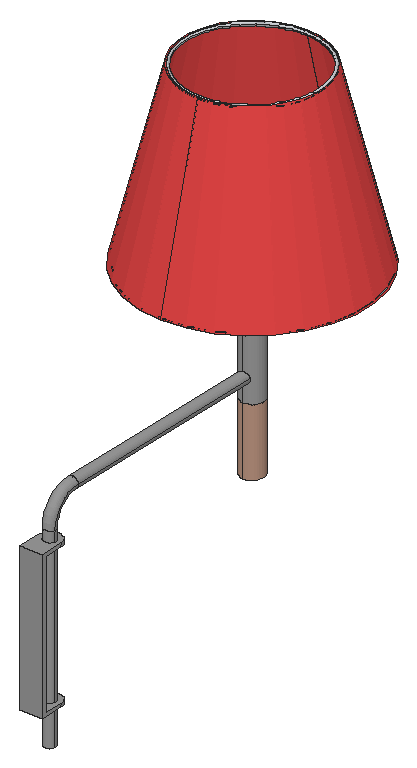
Revit family "Indoor_Wall Lamp_Santa&Cole_BC1", category Luminarias, Revit 2018
Family settings
  Cota de conector redondo = Diámetro de uso
  Tipo de pieza = Normal
  Número OmniClass = 23.80.70.00
  Título OmniClass = Lighting
  Se basa en plano de trabajo = Sí
  Siempre vertical = Sí
  Corte con vacíos al cargar = No
  Origen de luz = Sí
  Compartido = No
  Punto de cálculo de habitación = No
Parameters (values of type "Terracota Raw Color Ribbon")
  Visibility_Beige Parchment = no
  Wattage = 3.16409 W
  URL = "https://www.santacole.com/en/catalogue/wall-lamps/bc1"
  Technical Information = "https://www.santacole.com/recursos/productos/downloads/pdf_espec_tecnicas/SC_BC1_specification%20sheet.pdf"
  built-in parameter 1150110 = 1 (stored number, unit not read)
  Modelo = "BC1"
  Manufacturer website = "https://www.santacole.com"
  Lampshade Material = Santa & Cole - Terracota Raw Color Ribbon
  built-in parameter 1114217 = 1 (stored number, unit not read)
  built-in parameter 1150109 = 1 (stored number, unit not read)
  Fabricante = "Santa & Cole"
  Energy Label = "https://www.santacole.com/recursos/productos/downloads/pdf_energy_label/Energy%20Label_BC1_without_bulb.pdf"
  Default Elevation = 1219.2 mm
  Designed by = "Santa & Cole Team. 1995"
  Contact phone = "+34.938.619.100"
  Contact e-mail = "info@santacole.com"
  built-in parameter 1150134 = (empty or 0)
  built-in parameter 1150113 = 1 (stored number, unit not read)
  Lumens = 470 lm
  built-in parameter 1150115 = 1 (stored number, unit not read)
  built-in parameter 1150105 = 37.401 (stored number, unit not read)
  Tamaño de símbolo de origen de luz = 50 mm
  built-in parameter 1150137 = (empty or 0)
  built-in parameter 1150139 = (empty or 0)
  built-in parameter 1150112 = 1 (stored number, unit not read)
  built-in parameter 1150114 = 1 (stored number, unit not read)
  built-in parameter 1150132 = 2
  built-in parameter 1150102 = (empty or 0)
  built-in parameter 1150138 = (empty or 0)
  built-in parameter 1150107 = 2700 (stored number, unit not read)
  built-in parameter 1150106 = 0.37401 (stored number, unit not read)
  built-in parameter 1150104 = 13.8 (stored number, unit not read)
  Code = "BC102+PP10x"
  Carga aparente = 4.5 VA
  Dimming Lamp Color Temperature Shift = (empty or 0)
  Color Filter = 16777215
  built-in parameter 1114218 = 1 (stored number, unit not read)
  Assembly instructions - UL = "https://www.santacole.com/recursos/productos/downloads/pdf_montaje/BC1_im_UL.pdf"
  Assembly instructions - CE = "https://www.santacole.com/recursos/productos/downloads/pdf_montaje/BC1_im_CE.pdf"
  built-in parameter 1150133 = 10 (stored number, unit not read)
Types (7, lengths in mm): name | Visibility_Beige Parchment | Lampshade Material
  Stitched Beige Parchment | yes | Santa & Cole - Beige Cardboard
  Natural Ribbon | no | Santa & Cole - Natural Ribbon
  Red-amber Ribbon | no | Santa & Cole - Red-amber Ribbon
  Black Ribbon | no | Santa & Cole - Black Ribbon
  Terracota Raw Color Ribbon | no | Santa & Cole - Terracota Raw Color Ribbon
  Mustard Raw Color Ribbon | no | Santa & Cole - Mustard Raw Color Ribbon
  Green Raw Color Ribbon | no | Santa & Cole - Green Raw Color Ribbon
Reference planes
  plane 1 "Eje de origen de luz (F/P)": y = 0
  plane 2: z = 0
  plane 3 "Eje de origen de luz (I/D)": x = 0
  plane 4 "Elevación de origen de luz": z = 377.218
Forms (mm)
  Sweep 1, solid, material "Santa & Cole - Nickel"
    path origin (0.02, -75, -1200) x (0, -1, 0) y (0, 0, 1)
      loop
        line (-312, 1402) -> (-120, 1402)
        arc (-120, 1402) -> (-98.787, 1393.213) -> (-90, 1372) r 30
        line (-90, 1372) -> (-90, 1200)
    profile origin (0.02, 141, 202) x (0, 0, 1) y (-1, 0, 0)
      loop
        circle (-5, 0) r 5
  Extrusion 2, solid, material "Santa & Cole - Nickel"
    sketch origin (0.02, -75, -1200) x (0, -1, 0) y (0, 0, 1)
      loop
        line (-105, 1363.2) -> (-105, 1360.2) -> (-78, 1360.2) -> (-78, 1236.2) -> (-105, 1236.2) -> (-105, 1233.2) -> (-75, 1233.2) -> (-75, 1363.2) -> (-105, 1363.2)
    from -9.961 to 10
  Extrusion 3, void
    sketch origin (36.375, -75, 380) x (0, 1, 0) y (-1, 0, 0)
      loop
        arc (95, 46.356) -> (104.98, 36.375) -> (95, 26.395) r 9.98
        line (95, 26.395) -> (95, 23.067) -> (107.794, 23.067) -> (107.794, 48.787) -> (95, 48.787) -> (95, 46.356)
      loop
        circle (95, 36.375) r 5.2
    from -346.8 to -216.8
  Revolve 4, solid, material "Santa & Cole - Beech Wood"
    sketch origin (0.02, -75, -1200) x (0, -1, 0) y (0, 0, 1)
      loop
        line (-329, 1377) -> (-329, 1317) -> (-319, 1317) -> (-319, 1377) -> (-329, 1377)
      axis (-319, 1377) -> (-319, 1317)
    angle from 0 to 360
  Revolve 5, solid, material "Santa & Cole - Nickel"
    sketch origin (0.02, -75, -1200) x (0, -1, 0) y (0, 0, 1)
      loop
        line (-329, 1477) -> (-329, 1377) -> (-319, 1377) -> (-319, 1477) -> (-329, 1477)
      axis (-319, 1377) -> (-319, 1477)
    angle from 0 to 360
  Revolve 6, solid
    sketch origin (0.02, -75, -1200) x (0, -1, 0) y (0, 0, 1)
      loop
        line (-319, 1535) -> (-338, 1535) -> (-338, 1511.7) -> (-343.366, 1511.7) -> (-344.273, 1509.9) -> (-349, 1509.9) -> (-349, 1508.9) -> (-338, 1508.9) -> (-338, 1492.6) -> (-336.35, 1491.5)
        arc (-336.35, 1491.5) -> (-334.532, 1483.438) -> (-329.35, 1477) r 18.286
        line (-329.35, 1477) -> (-319, 1477) -> (-319, 1535)
      axis (-319, 1535) -> (-319, 1477)
    angle from 0 to 360
  Sweep 7, solid
    path origin (330.815, -75, -1200) x (0, -1, 0) y (0, 0, 1)
      loop
        line (-293, 1511.9) -> (-278.776, 1511.9) -> (-221.503, 1484.838)
    profile origin (330.815, 210.888, 311.9) x (0, 0, 1) y (-1, 0, 0)
      loop
        circle (-1, 330.796) r 1
  Sweep 8, solid
    path origin (110.884, 689.977, -1200) x (0.866025, 0.5, 0) y (0, 0, 1)
      loop
        line (-293, 1511.9) -> (-278.776, 1511.9) -> (-221.503, 1484.838)
    profile origin (-136.702, 547.034, 311.9) x (0, 0, 1) y (0.5, -0.866025, 0)
      loop
        circle (-1, 330.796) r 1
  Sweep 9, solid
    path origin (-441.64, 117.023, -1200) x (-0.866025, 0.5, 0) y (0, 0, 1)
      loop
        line (-293, 1511.9) -> (-278.776, 1511.9) -> (-221.503, 1484.838)
    profile origin (-194.054, -25.921, 311.9) x (0, 0, 1) y (0.5, 0.866025, 0)
      loop
        circle (-1, 330.796) r 1
  Revolve 10, solid
    sketch origin (0.02, -75, -1200) x (0, -1, 0) y (0, 0, 1)
      loop
        circle (-220.8, 1483.4) r 1.25
      loop
        circle (-260.18, 1640.4) r 1.25
      axis (-319, 1640.4) -> (-319, 1483.4)
    angle from 0 to 360
  Revolve 11, solid, material "Santa & Cole - Terracota Raw Color Ribbon" <- "Lampshade Material"
    sketch origin (0.02, -75, -1200) x (0, -1, 0) y (0, 0, 1)
      loop
        line (-259.229, 1641.593) -> (-219.234, 1482.14) -> (-218.458, 1482.335) -> (-258.453, 1641.787) -> (-259.229, 1641.593)
      axis (-319, 1641.787) -> (-319, 1482.14)
    angle from 0 to 360
  Blend 12, solid, material "Santa & Cole - Leather", visible <- "Visibility_Beige Parchment"
    base sketch origin (-13.93, 255.734, 547.239) x (0.96363, 0.267238, 0) y (-0.267238, 0.96363, 0)
      loop
        line (-50.966, 0.411) -> (-50.966, -0.489) -> (-50.043, -0.489) -> (-50.043, 0.411) -> (-50.966, 0.411)
    top sketch origin (-13.93, 255.734, 547.239) x (0.96363, 0.267238, 0) y (-0.267238, 0.96363, 0)
      loop
        line (-47.638, 0.875) -> (-47.638, 1.775) -> (-48.561, 1.775) -> (-48.561, 0.875) -> (-47.638, 0.875)
    from -112.484 to -105.022
  Blend 13, solid, material "Santa & Cole - Leather", visible <- "Visibility_Beige Parchment"
    base sketch origin (-9.621, 259.47, 547.239) x (0.999048, -0.043619, 0) y (0.043619, 0.999048, 0)
      loop
        line (-50.966, 0.411) -> (-50.966, -0.489) -> (-50.043, -0.489) -> (-50.043, 0.411) -> (-50.966, 0.411)
    top sketch origin (-9.621, 259.47, 547.239) x (0.999048, -0.043619, 0) y (0.043619, 0.999048, 0)
      loop
        line (-47.638, 0.875) -> (-47.638, 1.775) -> (-48.561, 1.775) -> (-48.561, 0.875) -> (-47.638, 0.875)
    from -112.484 to -105.022
  Blend 14, solid, material "Santa & Cole - Leather", visible <- "Visibility_Beige Parchment"
    base sketch origin (-16.873, 250.849, 547.239) x (0.833886, 0.551937, 0) y (-0.551937, 0.833886, 0)
      loop
        line (-50.966, 0.411) -> (-50.966, -0.489) -> (-50.043, -0.489) -> (-50.043, 0.411) -> (-50.966, 0.411)
    top sketch origin (-16.873, 250.849, 547.239) x (0.833886, 0.551937, 0) y (-0.551937, 0.833886, 0)
      loop
        line (-47.638, 0.875) -> (-47.638, 1.775) -> (-48.561, 1.775) -> (-48.561, 0.875) -> (-47.638, 0.875)
    from -112.484 to -105.022
  Blend 15, solid, material "Santa & Cole - Leather", visible <- "Visibility_Beige Parchment"
    base sketch origin (-18.163, 245.294, 547.239) x (0.622515, 0.782608, 0) y (-0.782608, 0.622515, 0)
      loop
        line (-50.966, 0.411) -> (-50.966, -0.489) -> (-50.043, -0.489) -> (-50.043, 0.411) -> (-50.966, 0.411)
    top sketch origin (-18.163, 245.294, 547.239) x (0.622515, 0.782608, 0) y (-0.782608, 0.622515, 0)
      loop
        line (-47.638, 0.875) -> (-47.638, 1.775) -> (-48.561, 1.775) -> (-48.561, 0.875) -> (-47.638, 0.875)
    from -112.484 to -105.022
  Blend 16, solid, material "Santa & Cole - Leather", visible <- "Visibility_Beige Parchment"
    base sketch origin (-17.673, 239.612, 547.239) x (0.350207, 0.936672, 0) y (-0.936672, 0.350207, 0)
      loop
        line (-50.966, 0.411) -> (-50.966, -0.489) -> (-50.043, -0.489) -> (-50.043, 0.411) -> (-50.966, 0.411)
    top sketch origin (-17.673, 239.612, 547.239) x (0.350207, 0.936672, 0) y (-0.936672, 0.350207, 0)
      loop
        line (-47.638, 0.875) -> (-47.638, 1.775) -> (-48.561, 1.775) -> (-48.561, 0.875) -> (-47.638, 0.875)
    from -112.484 to -105.022
  Blend 17, solid, material "Santa & Cole - Leather", visible <- "Visibility_Beige Parchment"
    base sketch origin (-15.451, 234.359, 547.239) x (0.043619, 0.999048, 0) y (-0.999048, 0.043619, 0)
      loop
        line (-50.966, 0.411) -> (-50.966, -0.489) -> (-50.043, -0.489) -> (-50.043, 0.411) -> (-50.966, 0.411)
    top sketch origin (-15.451, 234.359, 547.239) x (0.043619, 0.999048, 0) y (-0.999048, 0.043619, 0)
      loop
        line (-47.638, 0.875) -> (-47.638, 1.775) -> (-48.561, 1.775) -> (-48.561, 0.875) -> (-47.638, 0.875)
    from -112.484 to -105.022
  Blend 18, solid, material "Santa & Cole - Leather", visible <- "Visibility_Beige Parchment"
    base sketch origin (-11.714, 230.051, 547.239) x (-0.267238, 0.96363, 0) y (-0.96363, -0.267238, 0)
      loop
        line (-50.966, 0.411) -> (-50.966, -0.489) -> (-50.043, -0.489) -> (-50.043, 0.411) -> (-50.966, 0.411)
    top sketch origin (-11.714, 230.051, 547.239) x (-0.267238, 0.96363, 0) y (-0.96363, -0.267238, 0)
      loop
        line (-47.638, 0.875) -> (-47.638, 1.775) -> (-48.561, 1.775) -> (-48.561, 0.875) -> (-47.638, 0.875)
    from -112.484 to -105.022
  Blend 19, solid, material "Santa & Cole - Leather", visible <- "Visibility_Beige Parchment"
    base sketch origin (-6.829, 227.107, 547.239) x (-0.551937, 0.833886, 0) y (-0.833886, -0.551937, 0)
      loop
        line (-50.966, 0.411) -> (-50.966, -0.489) -> (-50.043, -0.489) -> (-50.043, 0.411) -> (-50.966, 0.411)
    top sketch origin (-6.829, 227.107, 547.239) x (-0.551937, 0.833886, 0) y (-0.833886, -0.551937, 0)
      loop
        line (-47.638, 0.875) -> (-47.638, 1.775) -> (-48.561, 1.775) -> (-48.561, 0.875) -> (-47.638, 0.875)
    from -112.484 to -105.022
  Blend 20, solid, material "Santa & Cole - Leather", visible <- "Visibility_Beige Parchment"
    base sketch origin (-1.274, 225.818, 547.239) x (-0.782608, 0.622515, 0) y (-0.622515, -0.782608, 0)
      loop
        line (-50.966, 0.411) -> (-50.966, -0.489) -> (-50.043, -0.489) -> (-50.043, 0.411) -> (-50.966, 0.411)
    top sketch origin (-1.274, 225.818, 547.239) x (-0.782608, 0.622515, 0) y (-0.622515, -0.782608, 0)
      loop
        line (-47.638, 0.875) -> (-47.638, 1.775) -> (-48.561, 1.775) -> (-48.561, 0.875) -> (-47.638, 0.875)
    from -112.484 to -105.022
  Blend 21, solid, material "Santa & Cole - Leather", visible <- "Visibility_Beige Parchment"
    base sketch origin (4.408, 226.308, 547.239) x (-0.936672, 0.350207, 0) y (-0.350207, -0.936672, 0)
      loop
        line (-50.966, 0.411) -> (-50.966, -0.489) -> (-50.043, -0.489) -> (-50.043, 0.411) -> (-50.966, 0.411)
    top sketch origin (4.408, 226.308, 547.239) x (-0.936672, 0.350207, 0) y (-0.350207, -0.936672, 0)
      loop
        line (-47.638, 0.875) -> (-47.638, 1.775) -> (-48.561, 1.775) -> (-48.561, 0.875) -> (-47.638, 0.875)
    from -112.484 to -105.022
  Blend 22, solid, material "Santa & Cole - Leather", visible <- "Visibility_Beige Parchment"
    base sketch origin (9.66, 228.53, 547.239) x (-0.999048, 0.043619, 0) y (-0.043619, -0.999048, 0)
      loop
        line (-50.966, 0.411) -> (-50.966, -0.489) -> (-50.043, -0.489) -> (-50.043, 0.411) -> (-50.966, 0.411)
    top sketch origin (9.66, 228.53, 547.239) x (-0.999048, 0.043619, 0) y (-0.043619, -0.999048, 0)
      loop
        line (-47.638, 0.875) -> (-47.638, 1.775) -> (-48.561, 1.775) -> (-48.561, 0.875) -> (-47.638, 0.875)
    from -112.484 to -105.022
  Blend 23, solid, material "Santa & Cole - Leather", visible <- "Visibility_Beige Parchment"
    base sketch origin (13.969, 232.266, 547.239) x (-0.96363, -0.267238, 0) y (0.267238, -0.96363, 0)
      loop
        line (-50.966, 0.411) -> (-50.966, -0.489) -> (-50.043, -0.489) -> (-50.043, 0.411) -> (-50.966, 0.411)
    top sketch origin (13.969, 232.266, 547.239) x (-0.96363, -0.267238, 0) y (0.267238, -0.96363, 0)
      loop
        line (-47.638, 0.875) -> (-47.638, 1.775) -> (-48.561, 1.775) -> (-48.561, 0.875) -> (-47.638, 0.875)
    from -112.484 to -105.022
  Blend 24, solid, material "Santa & Cole - Leather", visible <- "Visibility_Beige Parchment"
    base sketch origin (16.912, 237.151, 547.239) x (-0.833886, -0.551937, 0) y (0.551937, -0.833886, 0)
      loop
        line (-50.966, 0.411) -> (-50.966, -0.489) -> (-50.043, -0.489) -> (-50.043, 0.411) -> (-50.966, 0.411)
    top sketch origin (16.912, 237.151, 547.239) x (-0.833886, -0.551937, 0) y (0.551937, -0.833886, 0)
      loop
        line (-47.638, 0.875) -> (-47.638, 1.775) -> (-48.561, 1.775) -> (-48.561, 0.875) -> (-47.638, 0.875)
    from -112.484 to -105.022
  Blend 25, solid, material "Santa & Cole - Leather", visible <- "Visibility_Beige Parchment"
    base sketch origin (18.202, 242.706, 547.239) x (-0.622515, -0.782608, 0) y (0.782608, -0.622515, 0)
      loop
        line (-50.966, 0.411) -> (-50.966, -0.489) -> (-50.043, -0.489) -> (-50.043, 0.411) -> (-50.966, 0.411)
    top sketch origin (18.202, 242.706, 547.239) x (-0.622515, -0.782608, 0) y (0.782608, -0.622515, 0)
      loop
        line (-47.638, 0.875) -> (-47.638, 1.775) -> (-48.561, 1.775) -> (-48.561, 0.875) -> (-47.638, 0.875)
    from -112.484 to -105.022
  Blend 26, solid, material "Santa & Cole - Leather", visible <- "Visibility_Beige Parchment"
    base sketch origin (17.712, 248.388, 547.239) x (-0.350207, -0.936672, 0) y (0.936672, -0.350207, 0)
      loop
        line (-50.966, 0.411) -> (-50.966, -0.489) -> (-50.043, -0.489) -> (-50.043, 0.411) -> (-50.966, 0.411)
    top sketch origin (17.712, 248.388, 547.239) x (-0.350207, -0.936672, 0) y (0.936672, -0.350207, 0)
      loop
        line (-47.638, 0.875) -> (-47.638, 1.775) -> (-48.561, 1.775) -> (-48.561, 0.875) -> (-47.638, 0.875)
    from -112.484 to -105.022
  Blend 27, solid, material "Santa & Cole - Leather", visible <- "Visibility_Beige Parchment"
    base sketch origin (15.49, 253.641, 547.239) x (-0.043619, -0.999048, 0) y (0.999048, -0.043619, 0)
      loop
        line (-50.966, 0.411) -> (-50.966, -0.489) -> (-50.043, -0.489) -> (-50.043, 0.411) -> (-50.966, 0.411)
    top sketch origin (15.49, 253.641, 547.239) x (-0.043619, -0.999048, 0) y (0.999048, -0.043619, 0)
      loop
        line (-47.638, 0.875) -> (-47.638, 1.775) -> (-48.561, 1.775) -> (-48.561, 0.875) -> (-47.638, 0.875)
    from -112.484 to -105.022
  Blend 28, solid, material "Santa & Cole - Leather", visible <- "Visibility_Beige Parchment"
    base sketch origin (11.753, 257.949, 547.239) x (0.267238, -0.96363, 0) y (0.96363, 0.267238, 0)
      loop
        line (-50.966, 0.411) -> (-50.966, -0.489) -> (-50.043, -0.489) -> (-50.043, 0.411) -> (-50.966, 0.411)
    top sketch origin (11.753, 257.949, 547.239) x (0.267238, -0.96363, 0) y (0.96363, 0.267238, 0)
      loop
        line (-47.638, 0.875) -> (-47.638, 1.775) -> (-48.561, 1.775) -> (-48.561, 0.875) -> (-47.638, 0.875)
    from -112.484 to -105.022
  Blend 29, solid, material "Santa & Cole - Leather", visible <- "Visibility_Beige Parchment"
    base sketch origin (6.869, 260.893, 547.239) x (0.551937, -0.833886, 0) y (0.833886, 0.551937, 0)
      loop
        line (-50.966, 0.411) -> (-50.966, -0.489) -> (-50.043, -0.489) -> (-50.043, 0.411) -> (-50.966, 0.411)
    top sketch origin (6.869, 260.893, 547.239) x (0.551937, -0.833886, 0) y (0.833886, 0.551937, 0)
      loop
        line (-47.638, 0.875) -> (-47.638, 1.775) -> (-48.561, 1.775) -> (-48.561, 0.875) -> (-47.638, 0.875)
    from -112.484 to -105.022
  Blend 30, solid, material "Santa & Cole - Leather", visible <- "Visibility_Beige Parchment"
    base sketch origin (1.313, 262.182, 547.239) x (0.782608, -0.622515, 0) y (0.622515, 0.782608, 0)
      loop
        line (-50.966, 0.411) -> (-50.966, -0.489) -> (-50.043, -0.489) -> (-50.043, 0.411) -> (-50.966, 0.411)
    top sketch origin (1.313, 262.182, 547.239) x (0.782608, -0.622515, 0) y (0.622515, 0.782608, 0)
      loop
        line (-47.638, 0.875) -> (-47.638, 1.775) -> (-48.561, 1.775) -> (-48.561, 0.875) -> (-47.638, 0.875)
    from -112.484 to -105.022
  Blend 31, solid, material "Santa & Cole - Leather", visible <- "Visibility_Beige Parchment"
    base sketch origin (-4.369, 261.692, 547.239) x (0.936672, -0.350207, 0) y (0.350207, 0.936672, 0)
      loop
        line (-50.966, 0.411) -> (-50.966, -0.489) -> (-50.043, -0.489) -> (-50.043, 0.411) -> (-50.966, 0.411)
    top sketch origin (-4.369, 261.692, 547.239) x (0.936672, -0.350207, 0) y (0.350207, 0.936672, 0)
      loop
        line (-47.638, 0.875) -> (-47.638, 1.775) -> (-48.561, 1.775) -> (-48.561, 0.875) -> (-47.638, 0.875)
    from -112.484 to -105.022
  Blend 32, solid, material "Santa & Cole - Leather", visible <- "Visibility_Beige Parchment"
    base sketch origin (73.242, 285.467, 394.819) x (-0.551937, 0.833886, 0) y (-0.833886, -0.551937, 0)
      loop
        line (-50.966, 0.411) -> (-50.966, -0.489) -> (-50.043, -0.489) -> (-50.043, 0.411) -> (-50.966, 0.411)
    top sketch origin (73.242, 285.467, 394.819) x (-0.551937, 0.833886, 0) y (-0.833886, -0.551937, 0)
      loop
        line (-47.638, 0.875) -> (-47.638, 1.775) -> (-48.561, 1.775) -> (-48.561, 0.875) -> (-47.638, 0.875)
    from -112.076 to -105.022
  Blend 33, solid, material "Santa & Cole - Leather", visible <- "Visibility_Beige Parchment"
    base sketch origin (82.472, 260.81, 394.819) x (-0.267238, 0.96363, 0) y (-0.96363, -0.267238, 0)
      loop
        line (-50.966, 0.411) -> (-50.966, -0.489) -> (-50.043, -0.489) -> (-50.043, 0.411) -> (-50.966, 0.411)
    top sketch origin (82.472, 260.81, 394.819) x (-0.267238, 0.96363, 0) y (-0.96363, -0.267238, 0)
      loop
        line (-47.638, 0.875) -> (-47.638, 1.775) -> (-48.561, 1.775) -> (-48.561, 0.875) -> (-47.638, 0.875)
    from -112.076 to -105.022
  Blend 34, solid, material "Santa & Cole - Leather", visible <- "Visibility_Beige Parchment"
    base sketch origin (56.844, 306.064, 394.819) x (-0.782608, 0.622515, 0) y (-0.622515, -0.782608, 0)
      loop
        line (-50.966, 0.411) -> (-50.966, -0.489) -> (-50.043, -0.489) -> (-50.043, 0.411) -> (-50.966, 0.411)
    top sketch origin (56.844, 306.064, 394.819) x (-0.782608, 0.622515, 0) y (-0.622515, -0.782608, 0)
      loop
        line (-47.638, 0.875) -> (-47.638, 1.775) -> (-48.561, 1.775) -> (-48.561, 0.875) -> (-47.638, 0.875)
    from -112.076 to -105.022
  Blend 35, solid, material "Santa & Cole - Leather", visible <- "Visibility_Beige Parchment"
    base sketch origin (34.884, 320.587, 394.819) x (-0.936672, 0.350207, 0) y (-0.350207, -0.936672, 0)
      loop
        line (-50.966, 0.411) -> (-50.966, -0.489) -> (-50.043, -0.489) -> (-50.043, 0.411) -> (-50.966, 0.411)
    top sketch origin (34.884, 320.587, 394.819) x (-0.936672, 0.350207, 0) y (-0.350207, -0.936672, 0)
      loop
        line (-47.638, 0.875) -> (-47.638, 1.775) -> (-48.561, 1.775) -> (-48.561, 0.875) -> (-47.638, 0.875)
    from -112.076 to -105.022
  Blend 36, solid, material "Santa & Cole - Leather", visible <- "Visibility_Beige Parchment"
    base sketch origin (9.511, 327.612, 394.819) x (-0.999048, 0.043619, 0) y (-0.043619, -0.999048, 0)
      loop
        line (-50.966, 0.411) -> (-50.966, -0.489) -> (-50.043, -0.489) -> (-50.043, 0.411) -> (-50.966, 0.411)
    top sketch origin (9.511, 327.612, 394.819) x (-0.999048, 0.043619, 0) y (-0.043619, -0.999048, 0)
      loop
        line (-47.638, 0.875) -> (-47.638, 1.775) -> (-48.561, 1.775) -> (-48.561, 0.875) -> (-47.638, 0.875)
    from -112.076 to -105.022
  Blend 37, solid, material "Santa & Cole - Leather", visible <- "Visibility_Beige Parchment"
    base sketch origin (-16.791, 326.453, 394.819) x (-0.96363, -0.267238, 0) y (0.267238, -0.96363, 0)
      loop
        line (-50.966, 0.411) -> (-50.966, -0.489) -> (-50.043, -0.489) -> (-50.043, 0.411) -> (-50.966, 0.411)
    top sketch origin (-16.791, 326.453, 394.819) x (-0.96363, -0.267238, 0) y (0.267238, -0.96363, 0)
      loop
        line (-47.638, 0.875) -> (-47.638, 1.775) -> (-48.561, 1.775) -> (-48.561, 0.875) -> (-47.638, 0.875)
    from -112.076 to -105.022
  Blend 38, solid, material "Santa & Cole - Leather", visible <- "Visibility_Beige Parchment"
    base sketch origin (-41.447, 317.223, 394.819) x (-0.833886, -0.551937, 0) y (0.551937, -0.833886, 0)
      loop
        line (-50.966, 0.411) -> (-50.966, -0.489) -> (-50.043, -0.489) -> (-50.043, 0.411) -> (-50.966, 0.411)
    top sketch origin (-41.447, 317.223, 394.819) x (-0.833886, -0.551937, 0) y (0.551937, -0.833886, 0)
      loop
        line (-47.638, 0.875) -> (-47.638, 1.775) -> (-48.561, 1.775) -> (-48.561, 0.875) -> (-47.638, 0.875)
    from -112.076 to -105.022
  Blend 39, solid, material "Santa & Cole - Leather", visible <- "Visibility_Beige Parchment"
    base sketch origin (-62.045, 300.825, 394.819) x (-0.622515, -0.782608, 0) y (0.782608, -0.622515, 0)
      loop
        line (-50.966, 0.411) -> (-50.966, -0.489) -> (-50.043, -0.489) -> (-50.043, 0.411) -> (-50.966, 0.411)
    top sketch origin (-62.045, 300.825, 394.819) x (-0.622515, -0.782608, 0) y (0.782608, -0.622515, 0)
      loop
        line (-47.638, 0.875) -> (-47.638, 1.775) -> (-48.561, 1.775) -> (-48.561, 0.875) -> (-47.638, 0.875)
    from -112.076 to -105.022
  Blend 40, solid, material "Santa & Cole - Leather", visible <- "Visibility_Beige Parchment"
    base sketch origin (-76.567, 278.865, 394.819) x (-0.350207, -0.936672, 0) y (0.936672, -0.350207, 0)
      loop
        line (-50.966, 0.411) -> (-50.966, -0.489) -> (-50.043, -0.489) -> (-50.043, 0.411) -> (-50.966, 0.411)
    top sketch origin (-76.567, 278.865, 394.819) x (-0.350207, -0.936672, 0) y (0.936672, -0.350207, 0)
      loop
        line (-47.638, 0.875) -> (-47.638, 1.775) -> (-48.561, 1.775) -> (-48.561, 0.875) -> (-47.638, 0.875)
    from -112.076 to -105.022
  Blend 41, solid, material "Santa & Cole - Leather", visible <- "Visibility_Beige Parchment"
    base sketch origin (-83.592, 253.492, 394.819) x (-0.043619, -0.999048, 0) y (0.999048, -0.043619, 0)
      loop
        line (-50.966, 0.411) -> (-50.966, -0.489) -> (-50.043, -0.489) -> (-50.043, 0.411) -> (-50.966, 0.411)
    top sketch origin (-83.592, 253.492, 394.819) x (-0.043619, -0.999048, 0) y (0.999048, -0.043619, 0)
      loop
        line (-47.638, 0.875) -> (-47.638, 1.775) -> (-48.561, 1.775) -> (-48.561, 0.875) -> (-47.638, 0.875)
    from -112.076 to -105.022
  Blend 42, solid, material "Santa & Cole - Leather", visible <- "Visibility_Beige Parchment"
    base sketch origin (-82.433, 227.19, 394.819) x (0.267238, -0.96363, 0) y (0.96363, 0.267238, 0)
      loop
        line (-50.966, 0.411) -> (-50.966, -0.489) -> (-50.043, -0.489) -> (-50.043, 0.411) -> (-50.966, 0.411)
    top sketch origin (-82.433, 227.19, 394.819) x (0.267238, -0.96363, 0) y (0.96363, 0.267238, 0)
      loop
        line (-47.638, 0.875) -> (-47.638, 1.775) -> (-48.561, 1.775) -> (-48.561, 0.875) -> (-47.638, 0.875)
    from -112.076 to -105.022
  Blend 43, solid, material "Santa & Cole - Leather", visible <- "Visibility_Beige Parchment"
    base sketch origin (-73.203, 202.533, 394.819) x (0.551937, -0.833886, 0) y (0.833886, 0.551937, 0)
      loop
        line (-50.966, 0.411) -> (-50.966, -0.489) -> (-50.043, -0.489) -> (-50.043, 0.411) -> (-50.966, 0.411)
    top sketch origin (-73.203, 202.533, 394.819) x (0.551937, -0.833886, 0) y (0.833886, 0.551937, 0)
      loop
        line (-47.638, 0.875) -> (-47.638, 1.775) -> (-48.561, 1.775) -> (-48.561, 0.875) -> (-47.638, 0.875)
    from -112.076 to -105.022
  Blend 44, solid, material "Santa & Cole - Leather", visible <- "Visibility_Beige Parchment"
    base sketch origin (-56.805, 181.936, 394.819) x (0.782608, -0.622515, 0) y (0.622515, 0.782608, 0)
      loop
        line (-50.966, 0.411) -> (-50.966, -0.489) -> (-50.043, -0.489) -> (-50.043, 0.411) -> (-50.966, 0.411)
    top sketch origin (-56.805, 181.936, 394.819) x (0.782608, -0.622515, 0) y (0.622515, 0.782608, 0)
      loop
        line (-47.638, 0.875) -> (-47.638, 1.775) -> (-48.561, 1.775) -> (-48.561, 0.875) -> (-47.638, 0.875)
    from -112.076 to -105.022
  Blend 45, solid, material "Santa & Cole - Leather", visible <- "Visibility_Beige Parchment"
    base sketch origin (-34.845, 167.413, 394.819) x (0.936672, -0.350207, 0) y (0.350207, 0.936672, 0)
      loop
        line (-50.966, 0.411) -> (-50.966, -0.489) -> (-50.043, -0.489) -> (-50.043, 0.411) -> (-50.966, 0.411)
    top sketch origin (-34.845, 167.413, 394.819) x (0.936672, -0.350207, 0) y (0.350207, 0.936672, 0)
      loop
        line (-47.638, 0.875) -> (-47.638, 1.775) -> (-48.561, 1.775) -> (-48.561, 0.875) -> (-47.638, 0.875)
    from -112.076 to -105.022
  Blend 46, solid, material "Santa & Cole - Leather", visible <- "Visibility_Beige Parchment"
    base sketch origin (-9.472, 160.388, 394.819) x (0.999048, -0.043619, 0) y (0.043619, 0.999048, 0)
      loop
        line (-50.966, 0.411) -> (-50.966, -0.489) -> (-50.043, -0.489) -> (-50.043, 0.411) -> (-50.966, 0.411)
    top sketch origin (-9.472, 160.388, 394.819) x (0.999048, -0.043619, 0) y (0.043619, 0.999048, 0)
      loop
        line (-47.638, 0.875) -> (-47.638, 1.775) -> (-48.561, 1.775) -> (-48.561, 0.875) -> (-47.638, 0.875)
    from -112.076 to -105.022
  Blend 47, solid, material "Santa & Cole - Leather", visible <- "Visibility_Beige Parchment"
    base sketch origin (16.83, 161.547, 394.819) x (0.96363, 0.267238, 0) y (-0.267238, 0.96363, 0)
      loop
        line (-50.966, 0.411) -> (-50.966, -0.489) -> (-50.043, -0.489) -> (-50.043, 0.411) -> (-50.966, 0.411)
    top sketch origin (16.83, 161.547, 394.819) x (0.96363, 0.267238, 0) y (-0.267238, 0.96363, 0)
      loop
        line (-47.638, 0.875) -> (-47.638, 1.775) -> (-48.561, 1.775) -> (-48.561, 0.875) -> (-47.638, 0.875)
    from -112.076 to -105.022
  Blend 48, solid, material "Santa & Cole - Leather", visible <- "Visibility_Beige Parchment"
    base sketch origin (41.486, 170.777, 394.819) x (0.833886, 0.551937, 0) y (-0.551937, 0.833886, 0)
      loop
        line (-50.966, 0.411) -> (-50.966, -0.489) -> (-50.043, -0.489) -> (-50.043, 0.411) -> (-50.966, 0.411)
    top sketch origin (41.486, 170.777, 394.819) x (0.833886, 0.551937, 0) y (-0.551937, 0.833886, 0)
      loop
        line (-47.638, 0.875) -> (-47.638, 1.775) -> (-48.561, 1.775) -> (-48.561, 0.875) -> (-47.638, 0.875)
    from -112.076 to -105.022
  Blend 49, solid, material "Santa & Cole - Leather", visible <- "Visibility_Beige Parchment"
    base sketch origin (62.084, 187.175, 394.819) x (0.622515, 0.782608, 0) y (-0.782608, 0.622515, 0)
      loop
        line (-50.966, 0.411) -> (-50.966, -0.489) -> (-50.043, -0.489) -> (-50.043, 0.411) -> (-50.966, 0.411)
    top sketch origin (62.084, 187.175, 394.819) x (0.622515, 0.782608, 0) y (-0.782608, 0.622515, 0)
      loop
        line (-47.638, 0.875) -> (-47.638, 1.775) -> (-48.561, 1.775) -> (-48.561, 0.875) -> (-47.638, 0.875)
    from -112.076 to -105.022
  Blend 50, solid, material "Santa & Cole - Leather", visible <- "Visibility_Beige Parchment"
    base sketch origin (76.606, 209.135, 394.819) x (0.350207, 0.936672, 0) y (-0.936672, 0.350207, 0)
      loop
        line (-50.966, 0.411) -> (-50.966, -0.489) -> (-50.043, -0.489) -> (-50.043, 0.411) -> (-50.966, 0.411)
    top sketch origin (76.606, 209.135, 394.819) x (0.350207, 0.936672, 0) y (-0.936672, 0.350207, 0)
      loop
        line (-47.638, 0.875) -> (-47.638, 1.775) -> (-48.561, 1.775) -> (-48.561, 0.875) -> (-47.638, 0.875)
    from -112.076 to -105.022
  Blend 51, solid, material "Santa & Cole - Leather", visible <- "Visibility_Beige Parchment"
    base sketch origin (83.632, 234.508, 394.819) x (0.043619, 0.999048, 0) y (-0.999048, 0.043619, 0)
      loop
        line (-50.966, 0.411) -> (-50.966, -0.489) -> (-50.043, -0.489) -> (-50.043, 0.411) -> (-50.966, 0.411)
    top sketch origin (83.632, 234.508, 394.819) x (0.043619, 0.999048, 0) y (-0.999048, 0.043619, 0)
      loop
        line (-47.638, 0.875) -> (-47.638, 1.775) -> (-48.561, 1.775) -> (-48.561, 0.875) -> (-47.638, 0.875)
    from -112.076 to -105.022
  Blend 52, solid, material "Santa & Cole - Leather", visible <- "Visibility_Beige Parchment", not visible
    base sketch origin (36.867, 153.179, 1765.164) x (-0.551937, 0.833886, 0) y (-0.833886, -0.551937, 0)
      loop
        line (-50.966, 0.411) -> (-50.966, -0.489) -> (-50.043, -0.489) -> (-50.043, 0.411) -> (-50.966, 0.411)
    top sketch origin (36.867, 153.179, 1765.164) x (-0.551937, 0.833886, 0) y (-0.833886, -0.551937, 0)
      loop
        line (-47.638, 0.875) -> (-47.638, 1.775) -> (-48.561, 1.775) -> (-48.561, 0.875) -> (-47.638, 0.875)
    from -112.076 to -105.022
  Blend 53, solid, material "Santa & Cole - Leather", visible <- "Visibility_Beige Parchment", not visible
    base sketch origin (-50.305, 123.446, 1917.584) x (0.96363, 0.267238, 0) y (-0.267238, 0.96363, 0)
      loop
        line (-50.966, 0.411) -> (-50.966, -0.489) -> (-50.043, -0.489) -> (-50.043, 0.411) -> (-50.966, 0.411)
    top sketch origin (-50.305, 123.446, 1917.584) x (0.96363, 0.267238, 0) y (-0.267238, 0.96363, 0)
      loop
        line (-47.638, 0.875) -> (-47.638, 1.775) -> (-48.561, 1.775) -> (-48.561, 0.875) -> (-47.638, 0.875)
    from -112.484 to -105.022
  Sweep 54, solid, not visible
    path origin (294.44, -207.288, 170.345) x (0, -1, 0) y (0, 0, 1)
      loop
        line (-293, 1511.9) -> (-278.776, 1511.9) -> (-221.503, 1484.838)
    profile origin (294.44, 78.6, 1682.245) x (0, 0, 1) y (-1, 0, 0)
      loop
        circle (-1, 330.796) r 1
  Sweep 55, solid, material "Santa & Cole - Nickel", not visible
    path origin (0.02, -75, -1200) x (0, -1, 0) y (0, 0, 1)
      loop
        line (-312, 1402) -> (-120, 1402)
        arc (-120, 1402) -> (-98.787, 1393.213) -> (-90, 1372) r 30
        line (-90, 1372) -> (-90, 1200)
    profile origin (0.02, 141, 202) x (0, 0, 1) y (-1, 0, 0)
      loop
        circle (-5, 0) r 5
  Extrusion 56, solid, material "Santa & Cole - Nickel", not visible
    sketch origin (0.02, -75, -1200) x (0, -1, 0) y (0, 0, 1)
      loop
        line (-105, 1363.2) -> (-105, 1360.2) -> (-78, 1360.2) -> (-78, 1236.2) -> (-105, 1236.2) -> (-105, 1233.2) -> (-75, 1233.2) -> (-75, 1363.2) -> (-105, 1363.2)
    from -9.961 to 10
  Extrusion 57, void, not visible
    sketch origin (36.375, -75, 380) x (0, 1, 0) y (-1, 0, 0)
      loop
        arc (95, 46.356) -> (104.98, 36.375) -> (95, 26.395) r 9.98
        line (95, 26.395) -> (95, 23.067) -> (107.794, 23.067) -> (107.794, 48.787) -> (95, 48.787) -> (95, 46.356)
      loop
        circle (95, 36.375) r 5.2
    from -346.8 to -216.8
  Revolve 58, solid, material "Santa & Cole - Beech Wood", not visible
    sketch origin (0.02, -75, -1200) x (0, -1, 0) y (0, 0, 1)
      loop
        line (-329, 1377) -> (-329, 1317) -> (-319, 1317) -> (-319, 1377) -> (-329, 1377)
      axis (-319, 1377) -> (-319, 1317)
    angle from 0 to 360
  Revolve 59, solid, material "Santa & Cole - Nickel", not visible
    sketch origin (0.02, -75, -1200) x (0, -1, 0) y (0, 0, 1)
      loop
        line (-329, 1477) -> (-329, 1377) -> (-319, 1377) -> (-319, 1477) -> (-329, 1477)
      axis (-319, 1377) -> (-319, 1477)
    angle from 0 to 360
  Revolve 60, solid, not visible
    sketch origin (0.02, -75, -1200) x (0, -1, 0) y (0, 0, 1)
      loop
        line (-319, 1535) -> (-338, 1535) -> (-338, 1511.7) -> (-343.366, 1511.7) -> (-344.273, 1509.9) -> (-349, 1509.9) -> (-349, 1508.9) -> (-338, 1508.9) -> (-338, 1492.6) -> (-336.35, 1491.5)
        arc (-336.35, 1491.5) -> (-334.532, 1483.438) -> (-329.35, 1477) r 18.286
        line (-329.35, 1477) -> (-319, 1477) -> (-319, 1535)
      axis (-319, 1535) -> (-319, 1477)
    angle from 0 to 360
  Sweep 61, solid, not visible
    path origin (330.815, -75, -1200) x (0, -1, 0) y (0, 0, 1)
      loop
        line (-293, 1511.9) -> (-278.776, 1511.9) -> (-221.503, 1484.838)
    profile origin (330.815, 210.888, 311.9) x (0, 0, 1) y (-1, 0, 0)
      loop
        circle (-1, 330.796) r 1
  Sweep 62, solid, not visible
    path origin (110.884, 689.977, -1200) x (0.866025, 0.5, 0) y (0, 0, 1)
      loop
        line (-293, 1511.9) -> (-278.776, 1511.9) -> (-221.503, 1484.838)
    profile origin (-136.702, 547.034, 311.9) x (0, 0, 1) y (0.5, -0.866025, 0)
      loop
        circle (-1, 330.796) r 1
  Sweep 63, solid, not visible
    path origin (-441.64, 117.023, -1200) x (-0.866025, 0.5, 0) y (0, 0, 1)
      loop
        line (-293, 1511.9) -> (-278.776, 1511.9) -> (-221.503, 1484.838)
    profile origin (-194.054, -25.921, 311.9) x (0, 0, 1) y (0.5, 0.866025, 0)
      loop
        circle (-1, 330.796) r 1
  Revolve 64, solid, not visible
    sketch origin (0.02, -75, -1200) x (0, -1, 0) y (0, 0, 1)
      loop
        circle (-220.8, 1483.4) r 1.25
      loop
        circle (-260.18, 1640.4) r 1.25
      axis (-319, 1640.4) -> (-319, 1483.4)
    angle from 0 to 360
  Revolve 65, solid, material "Santa & Cole - Terracota Raw Color Ribbon" <- "Lampshade Material", not visible
    sketch origin (0.02, -75, -1200) x (0, -1, 0) y (0, 0, 1)
      loop
        line (-259.229, 1641.593) -> (-219.234, 1482.14) -> (-218.458, 1482.335) -> (-258.453, 1641.787) -> (-259.229, 1641.593)
      axis (-319, 1641.787) -> (-319, 1482.14)
    angle from 0 to 360
  Blend 66, solid, material "Santa & Cole - Leather", visible <- "Visibility_Beige Parchment", not visible
    base sketch origin (-13.93, 255.734, 547.239) x (0.96363, 0.267238, 0) y (-0.267238, 0.96363, 0)
      loop
        line (-50.966, 0.411) -> (-50.966, -0.489) -> (-50.043, -0.489) -> (-50.043, 0.411) -> (-50.966, 0.411)
    top sketch origin (-13.93, 255.734, 547.239) x (0.96363, 0.267238, 0) y (-0.267238, 0.96363, 0)
      loop
        line (-47.638, 0.875) -> (-47.638, 1.775) -> (-48.561, 1.775) -> (-48.561, 0.875) -> (-47.638, 0.875)
    from -112.484 to -105.022
  Blend 67, solid, material "Santa & Cole - Leather", visible <- "Visibility_Beige Parchment", not visible
    base sketch origin (-9.621, 259.47, 547.239) x (0.999048, -0.043619, 0) y (0.043619, 0.999048, 0)
      loop
        line (-50.966, 0.411) -> (-50.966, -0.489) -> (-50.043, -0.489) -> (-50.043, 0.411) -> (-50.966, 0.411)
    top sketch origin (-9.621, 259.47, 547.239) x (0.999048, -0.043619, 0) y (0.043619, 0.999048, 0)
      loop
        line (-47.638, 0.875) -> (-47.638, 1.775) -> (-48.561, 1.775) -> (-48.561, 0.875) -> (-47.638, 0.875)
    from -112.484 to -105.022
  Blend 68, solid, material "Santa & Cole - Leather", visible <- "Visibility_Beige Parchment", not visible
    base sketch origin (-16.873, 250.849, 547.239) x (0.833886, 0.551937, 0) y (-0.551937, 0.833886, 0)
      loop
        line (-50.966, 0.411) -> (-50.966, -0.489) -> (-50.043, -0.489) -> (-50.043, 0.411) -> (-50.966, 0.411)
    top sketch origin (-16.873, 250.849, 547.239) x (0.833886, 0.551937, 0) y (-0.551937, 0.833886, 0)
      loop
        line (-47.638, 0.875) -> (-47.638, 1.775) -> (-48.561, 1.775) -> (-48.561, 0.875) -> (-47.638, 0.875)
    from -112.484 to -105.022
  Blend 69, solid, material "Santa & Cole - Leather", visible <- "Visibility_Beige Parchment", not visible
    base sketch origin (-18.163, 245.294, 547.239) x (0.622515, 0.782608, 0) y (-0.782608, 0.622515, 0)
      loop
        line (-50.966, 0.411) -> (-50.966, -0.489) -> (-50.043, -0.489) -> (-50.043, 0.411) -> (-50.966, 0.411)
    top sketch origin (-18.163, 245.294, 547.239) x (0.622515, 0.782608, 0) y (-0.782608, 0.622515, 0)
      loop
        line (-47.638, 0.875) -> (-47.638, 1.775) -> (-48.561, 1.775) -> (-48.561, 0.875) -> (-47.638, 0.875)
    from -112.484 to -105.022
  Blend 70, solid, material "Santa & Cole - Leather", visible <- "Visibility_Beige Parchment", not visible
    base sketch origin (-17.673, 239.612, 547.239) x (0.350207, 0.936672, 0) y (-0.936672, 0.350207, 0)
      loop
        line (-50.966, 0.411) -> (-50.966, -0.489) -> (-50.043, -0.489) -> (-50.043, 0.411) -> (-50.966, 0.411)
    top sketch origin (-17.673, 239.612, 547.239) x (0.350207, 0.936672, 0) y (-0.936672, 0.350207, 0)
      loop
        line (-47.638, 0.875) -> (-47.638, 1.775) -> (-48.561, 1.775) -> (-48.561, 0.875) -> (-47.638, 0.875)
    from -112.484 to -105.022
  Blend 71, solid, material "Santa & Cole - Leather", visible <- "Visibility_Beige Parchment", not visible
    base sketch origin (-15.451, 234.359, 547.239) x (0.043619, 0.999048, 0) y (-0.999048, 0.043619, 0)
      loop
        line (-50.966, 0.411) -> (-50.966, -0.489) -> (-50.043, -0.489) -> (-50.043, 0.411) -> (-50.966, 0.411)
    top sketch origin (-15.451, 234.359, 547.239) x (0.043619, 0.999048, 0) y (-0.999048, 0.043619, 0)
      loop
        line (-47.638, 0.875) -> (-47.638, 1.775) -> (-48.561, 1.775) -> (-48.561, 0.875) -> (-47.638, 0.875)
    from -112.484 to -105.022
  Blend 72, solid, material "Santa & Cole - Leather", visible <- "Visibility_Beige Parchment", not visible
    base sketch origin (-11.714, 230.051, 547.239) x (-0.267238, 0.96363, 0) y (-0.96363, -0.267238, 0)
      loop
        line (-50.966, 0.411) -> (-50.966, -0.489) -> (-50.043, -0.489) -> (-50.043, 0.411) -> (-50.966, 0.411)
    top sketch origin (-11.714, 230.051, 547.239) x (-0.267238, 0.96363, 0) y (-0.96363, -0.267238, 0)
      loop
        line (-47.638, 0.875) -> (-47.638, 1.775) -> (-48.561, 1.775) -> (-48.561, 0.875) -> (-47.638, 0.875)
    from -112.484 to -105.022
  Blend 73, solid, material "Santa & Cole - Leather", visible <- "Visibility_Beige Parchment", not visible
    base sketch origin (-6.829, 227.107, 547.239) x (-0.551937, 0.833886, 0) y (-0.833886, -0.551937, 0)
      loop
        line (-50.966, 0.411) -> (-50.966, -0.489) -> (-50.043, -0.489) -> (-50.043, 0.411) -> (-50.966, 0.411)
    top sketch origin (-6.829, 227.107, 547.239) x (-0.551937, 0.833886, 0) y (-0.833886, -0.551937, 0)
      loop
        line (-47.638, 0.875) -> (-47.638, 1.775) -> (-48.561, 1.775) -> (-48.561, 0.875) -> (-47.638, 0.875)
    from -112.484 to -105.022
  Blend 74, solid, material "Santa & Cole - Leather", visible <- "Visibility_Beige Parchment", not visible
    base sketch origin (-1.274, 225.818, 547.239) x (-0.782608, 0.622515, 0) y (-0.622515, -0.782608, 0)
      loop
        line (-50.966, 0.411) -> (-50.966, -0.489) -> (-50.043, -0.489) -> (-50.043, 0.411) -> (-50.966, 0.411)
    top sketch origin (-1.274, 225.818, 547.239) x (-0.782608, 0.622515, 0) y (-0.622515, -0.782608, 0)
      loop
        line (-47.638, 0.875) -> (-47.638, 1.775) -> (-48.561, 1.775) -> (-48.561, 0.875) -> (-47.638, 0.875)
    from -112.484 to -105.022
  Blend 75, solid, material "Santa & Cole - Leather", visible <- "Visibility_Beige Parchment", not visible
    base sketch origin (4.408, 226.308, 547.239) x (-0.936672, 0.350207, 0) y (-0.350207, -0.936672, 0)
      loop
        line (-50.966, 0.411) -> (-50.966, -0.489) -> (-50.043, -0.489) -> (-50.043, 0.411) -> (-50.966, 0.411)
    top sketch origin (4.408, 226.308, 547.239) x (-0.936672, 0.350207, 0) y (-0.350207, -0.936672, 0)
      loop
        line (-47.638, 0.875) -> (-47.638, 1.775) -> (-48.561, 1.775) -> (-48.561, 0.875) -> (-47.638, 0.875)
    from -112.484 to -105.022
  Blend 76, solid, material "Santa & Cole - Leather", visible <- "Visibility_Beige Parchment", not visible
    base sketch origin (9.66, 228.53, 547.239) x (-0.999048, 0.043619, 0) y (-0.043619, -0.999048, 0)
      loop
        line (-50.966, 0.411) -> (-50.966, -0.489) -> (-50.043, -0.489) -> (-50.043, 0.411) -> (-50.966, 0.411)
    top sketch origin (9.66, 228.53, 547.239) x (-0.999048, 0.043619, 0) y (-0.043619, -0.999048, 0)
      loop
        line (-47.638, 0.875) -> (-47.638, 1.775) -> (-48.561, 1.775) -> (-48.561, 0.875) -> (-47.638, 0.875)
    from -112.484 to -105.022
  Blend 77, solid, material "Santa & Cole - Leather", visible <- "Visibility_Beige Parchment", not visible
    base sketch origin (13.969, 232.266, 547.239) x (-0.96363, -0.267238, 0) y (0.267238, -0.96363, 0)
      loop
        line (-50.966, 0.411) -> (-50.966, -0.489) -> (-50.043, -0.489) -> (-50.043, 0.411) -> (-50.966, 0.411)
    top sketch origin (13.969, 232.266, 547.239) x (-0.96363, -0.267238, 0) y (0.267238, -0.96363, 0)
      loop
        line (-47.638, 0.875) -> (-47.638, 1.775) -> (-48.561, 1.775) -> (-48.561, 0.875) -> (-47.638, 0.875)
    from -112.484 to -105.022
  Blend 78, solid, material "Santa & Cole - Leather", visible <- "Visibility_Beige Parchment", not visible
    base sketch origin (16.912, 237.151, 547.239) x (-0.833886, -0.551937, 0) y (0.551937, -0.833886, 0)
      loop
        line (-50.966, 0.411) -> (-50.966, -0.489) -> (-50.043, -0.489) -> (-50.043, 0.411) -> (-50.966, 0.411)
    top sketch origin (16.912, 237.151, 547.239) x (-0.833886, -0.551937, 0) y (0.551937, -0.833886, 0)
      loop
        line (-47.638, 0.875) -> (-47.638, 1.775) -> (-48.561, 1.775) -> (-48.561, 0.875) -> (-47.638, 0.875)
    from -112.484 to -105.022
  Blend 79, solid, material "Santa & Cole - Leather", visible <- "Visibility_Beige Parchment", not visible
    base sketch origin (18.202, 242.706, 547.239) x (-0.622515, -0.782608, 0) y (0.782608, -0.622515, 0)
      loop
        line (-50.966, 0.411) -> (-50.966, -0.489) -> (-50.043, -0.489) -> (-50.043, 0.411) -> (-50.966, 0.411)
    top sketch origin (18.202, 242.706, 547.239) x (-0.622515, -0.782608, 0) y (0.782608, -0.622515, 0)
      loop
        line (-47.638, 0.875) -> (-47.638, 1.775) -> (-48.561, 1.775) -> (-48.561, 0.875) -> (-47.638, 0.875)
    from -112.484 to -105.022
  Blend 80, solid, material "Santa & Cole - Leather", visible <- "Visibility_Beige Parchment", not visible
    base sketch origin (17.712, 248.388, 547.239) x (-0.350207, -0.936672, 0) y (0.936672, -0.350207, 0)
      loop
        line (-50.966, 0.411) -> (-50.966, -0.489) -> (-50.043, -0.489) -> (-50.043, 0.411) -> (-50.966, 0.411)
    top sketch origin (17.712, 248.388, 547.239) x (-0.350207, -0.936672, 0) y (0.936672, -0.350207, 0)
      loop
        line (-47.638, 0.875) -> (-47.638, 1.775) -> (-48.561, 1.775) -> (-48.561, 0.875) -> (-47.638, 0.875)
    from -112.484 to -105.022
  Blend 81, solid, material "Santa & Cole - Leather", visible <- "Visibility_Beige Parchment", not visible
    base sketch origin (15.49, 253.641, 547.239) x (-0.043619, -0.999048, 0) y (0.999048, -0.043619, 0)
      loop
        line (-50.966, 0.411) -> (-50.966, -0.489) -> (-50.043, -0.489) -> (-50.043, 0.411) -> (-50.966, 0.411)
    top sketch origin (15.49, 253.641, 547.239) x (-0.043619, -0.999048, 0) y (0.999048, -0.043619, 0)
      loop
        line (-47.638, 0.875) -> (-47.638, 1.775) -> (-48.561, 1.775) -> (-48.561, 0.875) -> (-47.638, 0.875)
    from -112.484 to -105.022
  Blend 82, solid, material "Santa & Cole - Leather", visible <- "Visibility_Beige Parchment", not visible
    base sketch origin (11.753, 257.949, 547.239) x (0.267238, -0.96363, 0) y (0.96363, 0.267238, 0)
      loop
        line (-50.966, 0.411) -> (-50.966, -0.489) -> (-50.043, -0.489) -> (-50.043, 0.411) -> (-50.966, 0.411)
    top sketch origin (11.753, 257.949, 547.239) x (0.267238, -0.96363, 0) y (0.96363, 0.267238, 0)
      loop
        line (-47.638, 0.875) -> (-47.638, 1.775) -> (-48.561, 1.775) -> (-48.561, 0.875) -> (-47.638, 0.875)
    from -112.484 to -105.022
  Blend 83, solid, material "Santa & Cole - Leather", visible <- "Visibility_Beige Parchment", not visible
    base sketch origin (6.869, 260.893, 547.239) x (0.551937, -0.833886, 0) y (0.833886, 0.551937, 0)
      loop
        line (-50.966, 0.411) -> (-50.966, -0.489) -> (-50.043, -0.489) -> (-50.043, 0.411) -> (-50.966, 0.411)
    top sketch origin (6.869, 260.893, 547.239) x (0.551937, -0.833886, 0) y (0.833886, 0.551937, 0)
      loop
        line (-47.638, 0.875) -> (-47.638, 1.775) -> (-48.561, 1.775) -> (-48.561, 0.875) -> (-47.638, 0.875)
    from -112.484 to -105.022
  Blend 84, solid, material "Santa & Cole - Leather", visible <- "Visibility_Beige Parchment", not visible
    base sketch origin (1.313, 262.182, 547.239) x (0.782608, -0.622515, 0) y (0.622515, 0.782608, 0)
      loop
        line (-50.966, 0.411) -> (-50.966, -0.489) -> (-50.043, -0.489) -> (-50.043, 0.411) -> (-50.966, 0.411)
    top sketch origin (1.313, 262.182, 547.239) x (0.782608, -0.622515, 0) y (0.622515, 0.782608, 0)
      loop
        line (-47.638, 0.875) -> (-47.638, 1.775) -> (-48.561, 1.775) -> (-48.561, 0.875) -> (-47.638, 0.875)
    from -112.484 to -105.022
  Blend 85, solid, material "Santa & Cole - Leather", visible <- "Visibility_Beige Parchment", not visible
    base sketch origin (-4.369, 261.692, 547.239) x (0.936672, -0.350207, 0) y (0.350207, 0.936672, 0)
      loop
        line (-50.966, 0.411) -> (-50.966, -0.489) -> (-50.043, -0.489) -> (-50.043, 0.411) -> (-50.966, 0.411)
    top sketch origin (-4.369, 261.692, 547.239) x (0.936672, -0.350207, 0) y (0.350207, 0.936672, 0)
      loop
        line (-47.638, 0.875) -> (-47.638, 1.775) -> (-48.561, 1.775) -> (-48.561, 0.875) -> (-47.638, 0.875)
    from -112.484 to -105.022
  Blend 86, solid, material "Santa & Cole - Leather", visible <- "Visibility_Beige Parchment", not visible
    base sketch origin (73.242, 285.467, 394.819) x (-0.551937, 0.833886, 0) y (-0.833886, -0.551937, 0)
      loop
        line (-50.966, 0.411) -> (-50.966, -0.489) -> (-50.043, -0.489) -> (-50.043, 0.411) -> (-50.966, 0.411)
    top sketch origin (73.242, 285.467, 394.819) x (-0.551937, 0.833886, 0) y (-0.833886, -0.551937, 0)
      loop
        line (-47.638, 0.875) -> (-47.638, 1.775) -> (-48.561, 1.775) -> (-48.561, 0.875) -> (-47.638, 0.875)
    from -112.076 to -105.022
  Blend 87, solid, material "Santa & Cole - Leather", visible <- "Visibility_Beige Parchment", not visible
    base sketch origin (82.472, 260.81, 394.819) x (-0.267238, 0.96363, 0) y (-0.96363, -0.267238, 0)
      loop
        line (-50.966, 0.411) -> (-50.966, -0.489) -> (-50.043, -0.489) -> (-50.043, 0.411) -> (-50.966, 0.411)
    top sketch origin (82.472, 260.81, 394.819) x (-0.267238, 0.96363, 0) y (-0.96363, -0.267238, 0)
      loop
        line (-47.638, 0.875) -> (-47.638, 1.775) -> (-48.561, 1.775) -> (-48.561, 0.875) -> (-47.638, 0.875)
    from -112.076 to -105.022
  Blend 88, solid, material "Santa & Cole - Leather", visible <- "Visibility_Beige Parchment", not visible
    base sketch origin (56.844, 306.064, 394.819) x (-0.782608, 0.622515, 0) y (-0.622515, -0.782608, 0)
      loop
        line (-50.966, 0.411) -> (-50.966, -0.489) -> (-50.043, -0.489) -> (-50.043, 0.411) -> (-50.966, 0.411)
    top sketch origin (56.844, 306.064, 394.819) x (-0.782608, 0.622515, 0) y (-0.622515, -0.782608, 0)
      loop
        line (-47.638, 0.875) -> (-47.638, 1.775) -> (-48.561, 1.775) -> (-48.561, 0.875) -> (-47.638, 0.875)
    from -112.076 to -105.022
  Blend 89, solid, material "Santa & Cole - Leather", visible <- "Visibility_Beige Parchment", not visible
    base sketch origin (34.884, 320.587, 394.819) x (-0.936672, 0.350207, 0) y (-0.350207, -0.936672, 0)
      loop
        line (-50.966, 0.411) -> (-50.966, -0.489) -> (-50.043, -0.489) -> (-50.043, 0.411) -> (-50.966, 0.411)
    top sketch origin (34.884, 320.587, 394.819) x (-0.936672, 0.350207, 0) y (-0.350207, -0.936672, 0)
      loop
        line (-47.638, 0.875) -> (-47.638, 1.775) -> (-48.561, 1.775) -> (-48.561, 0.875) -> (-47.638, 0.875)
    from -112.076 to -105.022
  Blend 90, solid, material "Santa & Cole - Leather", visible <- "Visibility_Beige Parchment", not visible
    base sketch origin (9.511, 327.612, 394.819) x (-0.999048, 0.043619, 0) y (-0.043619, -0.999048, 0)
      loop
        line (-50.966, 0.411) -> (-50.966, -0.489) -> (-50.043, -0.489) -> (-50.043, 0.411) -> (-50.966, 0.411)
    top sketch origin (9.511, 327.612, 394.819) x (-0.999048, 0.043619, 0) y (-0.043619, -0.999048, 0)
      loop
        line (-47.638, 0.875) -> (-47.638, 1.775) -> (-48.561, 1.775) -> (-48.561, 0.875) -> (-47.638, 0.875)
    from -112.076 to -105.022
  Blend 91, solid, material "Santa & Cole - Leather", visible <- "Visibility_Beige Parchment", not visible
    base sketch origin (-16.791, 326.453, 394.819) x (-0.96363, -0.267238, 0) y (0.267238, -0.96363, 0)
      loop
        line (-50.966, 0.411) -> (-50.966, -0.489) -> (-50.043, -0.489) -> (-50.043, 0.411) -> (-50.966, 0.411)
    top sketch origin (-16.791, 326.453, 394.819) x (-0.96363, -0.267238, 0) y (0.267238, -0.96363, 0)
      loop
        line (-47.638, 0.875) -> (-47.638, 1.775) -> (-48.561, 1.775) -> (-48.561, 0.875) -> (-47.638, 0.875)
    from -112.076 to -105.022
  Blend 92, solid, material "Santa & Cole - Leather", visible <- "Visibility_Beige Parchment", not visible
    base sketch origin (-41.447, 317.223, 394.819) x (-0.833886, -0.551937, 0) y (0.551937, -0.833886, 0)
      loop
        line (-50.966, 0.411) -> (-50.966, -0.489) -> (-50.043, -0.489) -> (-50.043, 0.411) -> (-50.966, 0.411)
    top sketch origin (-41.447, 317.223, 394.819) x (-0.833886, -0.551937, 0) y (0.551937, -0.833886, 0)
      loop
        line (-47.638, 0.875) -> (-47.638, 1.775) -> (-48.561, 1.775) -> (-48.561, 0.875) -> (-47.638, 0.875)
    from -112.076 to -105.022
  Blend 93, solid, material "Santa & Cole - Leather", visible <- "Visibility_Beige Parchment", not visible
    base sketch origin (-62.045, 300.825, 394.819) x (-0.622515, -0.782608, 0) y (0.782608, -0.622515, 0)
      loop
        line (-50.966, 0.411) -> (-50.966, -0.489) -> (-50.043, -0.489) -> (-50.043, 0.411) -> (-50.966, 0.411)
    top sketch origin (-62.045, 300.825, 394.819) x (-0.622515, -0.782608, 0) y (0.782608, -0.622515, 0)
      loop
        line (-47.638, 0.875) -> (-47.638, 1.775) -> (-48.561, 1.775) -> (-48.561, 0.875) -> (-47.638, 0.875)
    from -112.076 to -105.022
  Blend 94, solid, material "Santa & Cole - Leather", visible <- "Visibility_Beige Parchment", not visible
    base sketch origin (-76.567, 278.865, 394.819) x (-0.350207, -0.936672, 0) y (0.936672, -0.350207, 0)
      loop
        line (-50.966, 0.411) -> (-50.966, -0.489) -> (-50.043, -0.489) -> (-50.043, 0.411) -> (-50.966, 0.411)
    top sketch origin (-76.567, 278.865, 394.819) x (-0.350207, -0.936672, 0) y (0.936672, -0.350207, 0)
      loop
        line (-47.638, 0.875) -> (-47.638, 1.775) -> (-48.561, 1.775) -> (-48.561, 0.875) -> (-47.638, 0.875)
    from -112.076 to -105.022
  Blend 95, solid, material "Santa & Cole - Leather", visible <- "Visibility_Beige Parchment", not visible
    base sketch origin (-83.592, 253.492, 394.819) x (-0.043619, -0.999048, 0) y (0.999048, -0.043619, 0)
      loop
        line (-50.966, 0.411) -> (-50.966, -0.489) -> (-50.043, -0.489) -> (-50.043, 0.411) -> (-50.966, 0.411)
    top sketch origin (-83.592, 253.492, 394.819) x (-0.043619, -0.999048, 0) y (0.999048, -0.043619, 0)
      loop
        line (-47.638, 0.875) -> (-47.638, 1.775) -> (-48.561, 1.775) -> (-48.561, 0.875) -> (-47.638, 0.875)
    from -112.076 to -105.022
  Blend 96, solid, material "Santa & Cole - Leather", visible <- "Visibility_Beige Parchment", not visible
    base sketch origin (-82.433, 227.19, 394.819) x (0.267238, -0.96363, 0) y (0.96363, 0.267238, 0)
      loop
        line (-50.966, 0.411) -> (-50.966, -0.489) -> (-50.043, -0.489) -> (-50.043, 0.411) -> (-50.966, 0.411)
    top sketch origin (-82.433, 227.19, 394.819) x (0.267238, -0.96363, 0) y (0.96363, 0.267238, 0)
      loop
        line (-47.638, 0.875) -> (-47.638, 1.775) -> (-48.561, 1.775) -> (-48.561, 0.875) -> (-47.638, 0.875)
    from -112.076 to -105.022
  Blend 97, solid, material "Santa & Cole - Leather", visible <- "Visibility_Beige Parchment", not visible
    base sketch origin (-73.203, 202.533, 394.819) x (0.551937, -0.833886, 0) y (0.833886, 0.551937, 0)
      loop
        line (-50.966, 0.411) -> (-50.966, -0.489) -> (-50.043, -0.489) -> (-50.043, 0.411) -> (-50.966, 0.411)
    top sketch origin (-73.203, 202.533, 394.819) x (0.551937, -0.833886, 0) y (0.833886, 0.551937, 0)
      loop
        line (-47.638, 0.875) -> (-47.638, 1.775) -> (-48.561, 1.775) -> (-48.561, 0.875) -> (-47.638, 0.875)
    from -112.076 to -105.022
  Blend 98, solid, material "Santa & Cole - Leather", visible <- "Visibility_Beige Parchment", not visible
    base sketch origin (-56.805, 181.936, 394.819) x (0.782608, -0.622515, 0) y (0.622515, 0.782608, 0)
      loop
        line (-50.966, 0.411) -> (-50.966, -0.489) -> (-50.043, -0.489) -> (-50.043, 0.411) -> (-50.966, 0.411)
    top sketch origin (-56.805, 181.936, 394.819) x (0.782608, -0.622515, 0) y (0.622515, 0.782608, 0)
      loop
        line (-47.638, 0.875) -> (-47.638, 1.775) -> (-48.561, 1.775) -> (-48.561, 0.875) -> (-47.638, 0.875)
    from -112.076 to -105.022
  Blend 99, solid, material "Santa & Cole - Leather", visible <- "Visibility_Beige Parchment", not visible
    base sketch origin (-34.845, 167.413, 394.819) x (0.936672, -0.350207, 0) y (0.350207, 0.936672, 0)
      loop
        line (-50.966, 0.411) -> (-50.966, -0.489) -> (-50.043, -0.489) -> (-50.043, 0.411) -> (-50.966, 0.411)
    top sketch origin (-34.845, 167.413, 394.819) x (0.936672, -0.350207, 0) y (0.350207, 0.936672, 0)
      loop
        line (-47.638, 0.875) -> (-47.638, 1.775) -> (-48.561, 1.775) -> (-48.561, 0.875) -> (-47.638, 0.875)
    from -112.076 to -105.022
  Blend 100, solid, material "Santa & Cole - Leather", visible <- "Visibility_Beige Parchment", not visible
    base sketch origin (-9.472, 160.388, 394.819) x (0.999048, -0.043619, 0) y (0.043619, 0.999048, 0)
      loop
        line (-50.966, 0.411) -> (-50.966, -0.489) -> (-50.043, -0.489) -> (-50.043, 0.411) -> (-50.966, 0.411)
    top sketch origin (-9.472, 160.388, 394.819) x (0.999048, -0.043619, 0) y (0.043619, 0.999048, 0)
      loop
        line (-47.638, 0.875) -> (-47.638, 1.775) -> (-48.561, 1.775) -> (-48.561, 0.875) -> (-47.638, 0.875)
    from -112.076 to -105.022
  Blend 101, solid, material "Santa & Cole - Leather", visible <- "Visibility_Beige Parchment", not visible
    base sketch origin (16.83, 161.547, 394.819) x (0.96363, 0.267238, 0) y (-0.267238, 0.96363, 0)
      loop
        line (-50.966, 0.411) -> (-50.966, -0.489) -> (-50.043, -0.489) -> (-50.043, 0.411) -> (-50.966, 0.411)
    top sketch origin (16.83, 161.547, 394.819) x (0.96363, 0.267238, 0) y (-0.267238, 0.96363, 0)
      loop
        line (-47.638, 0.875) -> (-47.638, 1.775) -> (-48.561, 1.775) -> (-48.561, 0.875) -> (-47.638, 0.875)
    from -112.076 to -105.022
  Blend 102, solid, material "Santa & Cole - Leather", visible <- "Visibility_Beige Parchment", not visible
    base sketch origin (41.486, 170.777, 394.819) x (0.833886, 0.551937, 0) y (-0.551937, 0.833886, 0)
      loop
        line (-50.966, 0.411) -> (-50.966, -0.489) -> (-50.043, -0.489) -> (-50.043, 0.411) -> (-50.966, 0.411)
    top sketch origin (41.486, 170.777, 394.819) x (0.833886, 0.551937, 0) y (-0.551937, 0.833886, 0)
      loop
        line (-47.638, 0.875) -> (-47.638, 1.775) -> (-48.561, 1.775) -> (-48.561, 0.875) -> (-47.638, 0.875)
    from -112.076 to -105.022
  Blend 103, solid, material "Santa & Cole - Leather", visible <- "Visibility_Beige Parchment", not visible
    base sketch origin (62.084, 187.175, 394.819) x (0.622515, 0.782608, 0) y (-0.782608, 0.622515, 0)
      loop
        line (-50.966, 0.411) -> (-50.966, -0.489) -> (-50.043, -0.489) -> (-50.043, 0.411) -> (-50.966, 0.411)
    top sketch origin (62.084, 187.175, 394.819) x (0.622515, 0.782608, 0) y (-0.782608, 0.622515, 0)
      loop
        line (-47.638, 0.875) -> (-47.638, 1.775) -> (-48.561, 1.775) -> (-48.561, 0.875) -> (-47.638, 0.875)
    from -112.076 to -105.022
  Blend 104, solid, material "Santa & Cole - Leather", visible <- "Visibility_Beige Parchment", not visible
    base sketch origin (76.606, 209.135, 394.819) x (0.350207, 0.936672, 0) y (-0.936672, 0.350207, 0)
      loop
        line (-50.966, 0.411) -> (-50.966, -0.489) -> (-50.043, -0.489) -> (-50.043, 0.411) -> (-50.966, 0.411)
    top sketch origin (76.606, 209.135, 394.819) x (0.350207, 0.936672, 0) y (-0.936672, 0.350207, 0)
      loop
        line (-47.638, 0.875) -> (-47.638, 1.775) -> (-48.561, 1.775) -> (-48.561, 0.875) -> (-47.638, 0.875)
    from -112.076 to -105.022
  Blend 105, solid, material "Santa & Cole - Leather", visible <- "Visibility_Beige Parchment", not visible
    base sketch origin (83.632, 234.508, 394.819) x (0.043619, 0.999048, 0) y (-0.999048, 0.043619, 0)
      loop
        line (-50.966, 0.411) -> (-50.966, -0.489) -> (-50.043, -0.489) -> (-50.043, 0.411) -> (-50.966, 0.411)
    top sketch origin (83.632, 234.508, 394.819) x (0.043619, 0.999048, 0) y (-0.999048, 0.043619, 0)
      loop
        line (-47.638, 0.875) -> (-47.638, 1.775) -> (-48.561, 1.775) -> (-48.561, 0.875) -> (-47.638, 0.875)
    from -112.076 to -105.022
Cuts and joins
  Extrusion 3 cuts Extrusion 2
Dimensions and locks
  aligned and locked: plane 3 "Eje de origen de luz (I/D)" to imposter light
  aligned and locked: plane 4 "Elevación de origen de luz" to imposter light
  aligned and locked: level to plane 2
